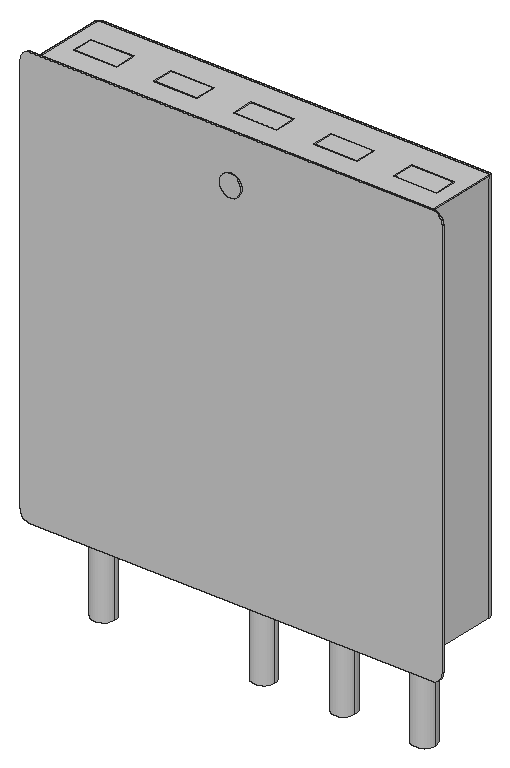
Revit family "SpecEquip_TMV_Zip_Horne TMV box with bypass pipes one end", category Specialty Equipment, Revit 2016
Family settings
  Part Type = Normal
  Round Connector Dimension = Use Diameter
  OmniClass Number = 23.65.55.14.24
  OmniClass Title = Mixing Valves for Liquid Services
  Work Plane-Based = No
  Always vertical = Yes
  Cut with Voids When Loaded = Yes
  Shared = No
  Room Calculation Point = No
Parameters (values of type "TMV Removable Door")
  URL = "https://www.zipwater.com/"
  Type Comments = "Removable Door"
  Removeable Door = not(Hinged Door)  # yes
  ModifiedIssue_ANZRS = 20171020
  Model = "Horne TMV  H1502 Brass in box Configuration - Removable Door"
  Material_ANZRS = z_ZipTmv_Chrome
  Manufacturer_URL__Product Specific = "https://www.zipwater.com/shop/washroom/box-with-cover-and-key-locks-recessed-Hingedd-stainless-steel-cover"
  Manufacturer_Spec Code = "42156"
  Manufacturer_Overall Width = 370 mm  # constant formula
  Manufacturer_Overall Height = 370 mm  # constant formula
  Manufacturer_Overall Depth = 74 mm  # constant formula
  Manufacturer_Height From FFL [instance] = 900 mm
  Manufacturer = "Zip Australia"  # constant formula
  Hinged Door = no
  Description = "Horne TMV Model H1502: Recessed pre-plumbed box configuration with lockable flat stainless steel removable door and cold water bypass - pipes at one end"
  CreatedBy_ANZRS = "UNIFI Labs"  # constant formula
  CreatedByURL_ANZRS = "http://www.unifilabs.com/"
Reference planes
  plane 1 "Back": y = 302
  plane 2 "Ref. Level": z = 0
  plane 3 "Center (Left/Right)": x = 0
  plane 4 "Right": x = 185
  plane 5 "Top": z = 1270
  plane 6 "Left": x = -185
  plane 7 "Bottom": z = 900
  plane 8 "Front": y = 228
  plane 9 "Center (Front/Back)": y = 265
  plane 10 "Center (Elevation)": z = 1085
  plane 11 "Left Offset1": x = -75
  plane 12 "Right Offset2": x = 75
  plane 13 "Right Offset1": x = 150
  plane 14 "Left Offset2": x = -150
Forms (mm)
  Extrusion 1, solid, material "z_ZipTmv_Chrome" <- "Material_ANZRS"
    sketch origin (75, 0, 1085) x (-1, 0, 0) y (0, 1, 0)
      loop
        line (-89.496, 250.504) -> (-69.694, 245.199) -> (-55.199, 259.694) -> (-60.504, 279.496) -> (-80.306, 284.801) -> (-94.801, 270.306) -> (-89.496, 250.504)
    from 64.5 to 80
  Extrusion 2, solid, material "z_ZipTmv_Chrome" <- "Material_ANZRS"
    sketch origin (75, 0, 1085) x (-1, 0, 0) y (0, 1, 0)
      loop
        line (-84.546, 255.454) -> (-71.506, 251.96) -> (-61.96, 261.506) -> (-65.454, 274.546) -> (-78.494, 278.04) -> (-88.04, 268.494) -> (-84.546, 255.454)
    from 52.3 to 63.3
  Extrusion 3, solid, material "z_ZipTmv_Chrome" <- "Material_ANZRS"
    sketch origin (75, 0, 1085) x (1, 0, 0) y (0, 1, 0)
      loop
        line (-89.496, 250.504) -> (-69.694, 245.199) -> (-55.199, 259.694) -> (-60.504, 279.496) -> (-80.306, 284.801) -> (-94.801, 270.306) -> (-89.496, 250.504)
    from 64.5 to 80
  Extrusion 4, solid, material "z_ZipTmv_Chrome" <- "Material_ANZRS"
    sketch origin (75, 0, 1085) x (1, 0, 0) y (0, 1, 0)
      loop
        line (-84.546, 255.454) -> (-71.506, 251.96) -> (-61.96, 261.506) -> (-65.454, 274.546) -> (-78.494, 278.04) -> (-88.04, 268.494) -> (-84.546, 255.454)
    from 52.3 to 63.3
  Extrusion 5, solid, material "z_ZipTmv_Chrome" <- "Material_ANZRS"
    sketch origin (150, 0, 1085) x (1, 0, 0) y (0, 1, 0)
      loop
        line (-89.496, 250.504) -> (-69.694, 245.199) -> (-55.199, 259.694) -> (-60.504, 279.496) -> (-80.306, 284.801) -> (-94.801, 270.306) -> (-89.496, 250.504)
    from 46.993 to 62.496
  Extrusion 6, solid, material "z_ZipTmv_Chrome" <- "Material_ANZRS"
    sketch origin (150, 0, 1085) x (1, 0, 0) y (0, 1, 0)
      loop
        line (-84.546, 255.454) -> (-71.506, 251.96) -> (-61.96, 261.506) -> (-65.454, 274.546) -> (-78.494, 278.04) -> (-88.04, 268.494) -> (-84.546, 255.454)
    from 41 to 46.993
  Extrusion 7, solid, material "z_ZipTmv_Chrome" <- "Material_ANZRS"
    sketch origin (150, 0, 1085) x (1, 0, 0) y (0, 1, 0)
      loop
        line (-62.272, 252.272) -> (-57.613, 269.659) -> (-70.341, 282.387) -> (-87.728, 277.728) -> (-92.387, 260.341) -> (-79.659, 247.613) -> (-62.272, 252.272)
    from 65.72 to 72.02
  Revolve 8, solid, material "z_ZipTmv_Chrome" <- "Material_ANZRS"
    sketch origin (0, 265, 0) x (0, 0, -1) y (-1, 0, 0)
      loop
        line (-1022.504, -75) -> (-1022.504, -87.2) -> (-1003.98, -87.2) -> (-1003.98, -85.5) -> (-798.5, -85.5) -> (-798.5, -75) -> (-1022.504, -75)
      axis (-798.5, -75) -> (-1022.504, -75)
    angle from 0 to 360
  Revolve 9, solid, material "z_ZipTmv_Chrome" <- "Material_ANZRS"
    sketch origin (0, 265, 0) x (0, 0, -1) y (-1, 0, 0)
      loop
        line (-798.5, -150) -> (-1005, -150) -> (-1005, -162.25) -> (-994, -162.25) -> (-994, -160.5) -> (-798.5, -160.5) -> (-798.5, -150)
      axis (-798.5, -150) -> (-1005, -150)
    angle from 0 to 360
  Revolve 10, solid, material "z_ZipTmv_Chrome" <- "Material_ANZRS"
    sketch origin (0, 265, 0) x (0, 0, -1) y (-1, 0, 0)
      loop
        line (-798.5, 0) -> (-1005, 0) -> (-1005, -12.25) -> (-994, -12.25) -> (-994, -10.5) -> (-798.5, -10.5) -> (-798.5, 0)
      axis (-798.5, 0) -> (-1005, 0)
    angle from 0 to 360
  Revolve 11, solid, material "z_ZipTmv_Chrome" <- "Material_ANZRS"
    sketch origin (0, 265, 0) x (0, 0, -1) y (-1, 0, 0)
      loop
        line (-980, -75) -> (-980, -21.5) -> (-986.003, -21.5) -> (-986.003, -30.5) -> (-989.003, -30.5) -> (-989.003, -60.5) -> (-986.503, -60.5) -> (-986.503, -64) -> (-988.003, -64) -> (-988.003, -65) -> (-986.503, -65) -> (-986.503, -75) -> (-980, -75)
      loop
        line (-982, -20.037) -> (-980, -20.037) -> (-980, -18.037) -> (-981.02, -18.037) -> (-982, -19.017) -> (-982, -20.037)
      axis (-980, -18.037) -> (-980, -75)
    angle from 0 to 360
  Extrusion 12, solid, material "z_ZipTmv_Chrome" <- "Material_ANZRS"
    sketch origin (0, 265, 0) x (0, 0, -1) y (-1, 0, 0)
      loop
        line (-900, -130) -> (-920.144, -130) -> (-920.144, -170) -> (-900, -170) -> (-900, -130)
      loop
        line (-900, 20) -> (-920.144, 20) -> (-920.144, -20) -> (-900, -20) -> (-900, 20)
      loop
        line (-900, -55) -> (-920.144, -55) -> (-920.144, -95) -> (-900, -95) -> (-900, -55)
      loop
        line (-900, 170) -> (-920.144, 170) -> (-920.144, 130) -> (-900, 130) -> (-900, 170)
    from 10 to 11.2
  Extrusion 13, solid, material "z_ZipTmv_Chrome" <- "Material_ANZRS"
    sketch origin (-41.47, 184.374, 900) x (-1, 0, 0) y (0, 1, 0)
      loop
        line (-126.97, 80.626) -> (-126.97, 85.626)
        arc (-126.97, 85.626) -> (-128.434, 89.161) -> (-131.97, 90.626) r 5
        line (-131.97, 90.626) -> (-136.47, 90.626) -> (-136.47, 89.626) -> (-131.97, 89.626)
        arc (-131.97, 89.626) -> (-129.141, 88.454) -> (-127.97, 85.626) r 4
        line (-127.97, 85.626) -> (-127.97, 80.626)
        arc (-127.97, 80.626) -> (-116.47, 69.126) -> (-104.97, 80.626) r 11.5
        line (-104.97, 80.626) -> (-104.97, 85.626)
        arc (-104.97, 85.626) -> (-103.798, 88.454) -> (-100.97, 89.626) r 4
        line (-100.97, 89.626) -> (-96.47, 89.626) -> (-96.47, 90.626) -> (-100.97, 90.626)
        arc (-100.97, 90.626) -> (-104.505, 89.161) -> (-105.97, 85.626) r 5
        line (-105.97, 85.626) -> (-105.97, 80.626)
        arc (-105.97, 80.626) -> (-116.47, 70.126) -> (-126.97, 80.626) r 10.5
      loop
        line (-51.97, 80.626) -> (-51.97, 85.626)
        arc (-51.97, 85.626) -> (-53.434, 89.161) -> (-56.97, 90.626) r 5
        line (-56.97, 90.626) -> (-61.47, 90.626) -> (-61.47, 89.626) -> (-56.97, 89.626)
        arc (-56.97, 89.626) -> (-54.141, 88.454) -> (-52.97, 85.626) r 4
        line (-52.97, 85.626) -> (-52.97, 80.626)
        arc (-52.97, 80.626) -> (-41.47, 69.126) -> (-29.97, 80.626) r 11.5
        line (-29.97, 80.626) -> (-29.97, 85.626)
        arc (-29.97, 85.626) -> (-28.798, 88.454) -> (-25.97, 89.626) r 4
        line (-25.97, 89.626) -> (-21.47, 89.626) -> (-21.47, 90.626) -> (-25.97, 90.626)
        arc (-25.97, 90.626) -> (-29.505, 89.161) -> (-30.97, 85.626) r 5
        line (-30.97, 85.626) -> (-30.97, 80.626)
        arc (-30.97, 80.626) -> (-41.47, 70.126) -> (-51.97, 80.626) r 10.5
      loop
        line (98.03, 80.626) -> (98.03, 85.626)
        arc (98.03, 85.626) -> (96.566, 89.161) -> (93.03, 90.626) r 5
        line (93.03, 90.626) -> (88.53, 90.626) -> (88.53, 89.626) -> (93.03, 89.626)
        arc (93.03, 89.626) -> (95.859, 88.454) -> (97.03, 85.626) r 4
        line (97.03, 85.626) -> (97.03, 80.626)
        arc (97.03, 80.626) -> (108.53, 69.126) -> (120.03, 80.626) r 11.5
        line (120.03, 80.626) -> (120.03, 85.626)
        arc (120.03, 85.626) -> (121.202, 88.454) -> (124.03, 89.626) r 4
        line (124.03, 89.626) -> (128.53, 89.626) -> (128.53, 90.626) -> (124.03, 90.626)
        arc (124.03, 90.626) -> (120.495, 89.161) -> (119.03, 85.626) r 5
        line (119.03, 85.626) -> (119.03, 80.626)
        arc (119.03, 80.626) -> (108.53, 70.126) -> (98.03, 80.626) r 10.5
      loop
        line (-201.97, 80.626) -> (-201.97, 85.626)
        arc (-201.97, 85.626) -> (-203.434, 89.161) -> (-206.97, 90.626) r 5
        line (-206.97, 90.626) -> (-211.47, 90.626) -> (-211.47, 89.626) -> (-206.97, 89.626)
        arc (-206.97, 89.626) -> (-204.141, 88.454) -> (-202.97, 85.626) r 4
        line (-202.97, 85.626) -> (-202.97, 80.626)
        arc (-202.97, 80.626) -> (-191.47, 69.126) -> (-179.97, 80.626) r 11.5
        line (-179.97, 80.626) -> (-179.97, 85.626)
        arc (-179.97, 85.626) -> (-178.798, 88.454) -> (-175.97, 89.626) r 4
        line (-175.97, 89.626) -> (-171.47, 89.626) -> (-171.47, 90.626) -> (-175.97, 90.626)
        arc (-175.97, 90.626) -> (-179.505, 89.161) -> (-180.97, 85.626) r 5
        line (-180.97, 85.626) -> (-180.97, 80.626)
        arc (-180.97, 80.626) -> (-191.47, 70.126) -> (-201.97, 80.626) r 10.5
    from -18.846 to 0
  Sweep 14, solid, material "z_ZipTmv_Chrome" <- "Material_ANZRS"
    path origin (75, 265, 0) x (0, 0, -1) y (-1, 0, 0)
      loop
        line (-960.825, 120.2) -> (-960.825, 139)
        arc (-960.825, 139) -> (-964.047, 146.778) -> (-971.825, 150) r 11
        line (-971.825, 150) -> (-990.625, 150)
    profile origin (-54.6, 265, 960.825) x (0, 0, 1) y (0, 1, 0)
      loop
        circle (0, 0) r 10.8
  Revolve 15, solid, material "z_ZipTmv_Chrome" <- "Material_ANZRS"
    sketch origin (75, 265, 0) x (0, 0, -1) y (-1, 0, 0)
      loop
        line (-960.825, 120.2) -> (-970.825, 120.2) -> (-970.825, 75) -> (-960.825, 75) -> (-960.825, 120.2)
      axis (-960.825, 120.2) -> (-960.825, 75)
    angle from 0 to 360
  Extrusion 16, solid, material "z_ZipTmv_Chrome" <- "Material_ANZRS"
    sketch origin (0, 0, 1085) x (1, 0, 0) y (0, 1, 0)
      loop
        line (-89.496, 250.504) -> (-69.694, 245.199) -> (-55.199, 259.694) -> (-60.504, 279.496) -> (-80.306, 284.801) -> (-94.801, 270.306) -> (-89.496, 250.504)
    from 0 to 15.751
  Extrusion 17, solid, material "z_ZipTmv_Chrome" <- "Material_ANZRS"
    sketch origin (0, 0, 1085) x (1, 0, 0) y (0, 1, 0)
      loop
        line (-84.546, 255.454) -> (-71.506, 251.96) -> (-61.96, 261.506) -> (-65.454, 274.546) -> (-78.494, 278.04) -> (-88.04, 268.494) -> (-84.546, 255.454)
    from -5.749 to 0
  Revolve 18, solid, material "z_ZipTmv_Chrome" <- "Material_ANZRS"
    sketch origin (0, 265, 0) x (0, 0, -1) y (-1, 0, 0)
      loop
        line (-1069.249, 75) -> (-1069.249, 65) -> (-990.625, 65) -> (-990.625, 75) -> (-1069.249, 75)
      loop
        line (-1090.749, 75) -> (-1151.149, 75) -> (-1151.149, 61.5) -> (-1090.749, 61.5) -> (-1090.749, 75)
      loop
        line (-1204.504, 75) -> (-1204.504, 65) -> (-1173.279, 65) -> (-1173.279, 75) -> (-1204.504, 75)
      axis (-990.625, 75) -> (-1204.504, 75)
    angle from 0 to 360
  Extrusion 19, solid, material "z_ZipTmv_Chrome" <- "Material_ANZRS"
    sketch origin (0, 0, 1085) x (-1, 0, 0) y (0, 1, 0)
      loop
        line (89.496, 250.504) -> (94.801, 270.306) -> (80.306, 284.801) -> (60.504, 279.496) -> (55.199, 259.694) -> (69.694, 245.199) -> (89.496, 250.504)
    from -88.279 to -72.784
  Extrusion 20, solid, material "z_ZipTmv_Chrome" <- "Material_ANZRS"
    sketch origin (0, 0, 1085) x (-1, 0, 0) y (0, 1, 0)
      loop
        line (84.546, 255.454) -> (88.04, 268.494) -> (78.494, 278.04) -> (65.454, 274.546) -> (61.96, 261.506) -> (71.506, 251.96) -> (84.546, 255.454)
    from -72.784 to -66.149
  Sweep 21, solid, material "z_ZipTmv_Chrome" <- "Material_ANZRS"
    path origin (75, 265, 0) x (0, 0, -1) y (-1, 0, 0)
      loop
        line (-1234.304, 179.8) -> (-1234.304, 161)
        arc (-1234.304, 161) -> (-1231.082, 153.222) -> (-1223.304, 150) r 11
        line (-1223.304, 150) -> (-1204.504, 150)
    profile origin (-95.4, 265, 1234.304) x (0, 0, -1) y (0, 1, 0)
      loop
        circle (0, 0) r 10.8
  Sweep 22, solid, material "z_ZipTmv_Chrome" <- "Material_ANZRS"
    path origin (75, 265, 0) x (0, 0, -1) y (-1, 0, 0)
      loop
        line (-1234.304, 195.2) -> (-1234.304, 214)
        arc (-1234.304, 214) -> (-1231.082, 221.778) -> (-1223.304, 225) r 11
        line (-1223.304, 225) -> (-1204.504, 225)
    profile origin (-129.6, 265, 1234.304) x (0, 0, 1) y (0, 1, 0)
      loop
        circle (0, 0) r 10.8
  Revolve 23, solid, material "z_ZipTmv_Chrome" <- "Material_ANZRS"
    sketch origin (75, 265, 0) x (0, 0, -1) y (-1, 0, 0)
      loop
        line (-1234.304, 179.8) -> (-1234.304, 195.2) -> (-1243.804, 195.2) -> (-1243.804, 179.8) -> (-1234.304, 179.8)
      axis (-1234.304, 195.2) -> (-1234.304, 179.8)
    angle from 0 to 360
  Revolve 24, solid, material "z_ZipTmv_Chrome" <- "Material_ANZRS"
    sketch origin (75, 265, 0) x (0, 0, -1) y (-1, 0, 0)
      loop
        line (-1204.504, 225) -> (-1204.504, 214.5) -> (-798.504, 214.5) -> (-798.504, 225) -> (-1204.504, 225)
      axis (-798.504, 225) -> (-1204.504, 225)
    angle from 0 to 360
  Extrusion 25, solid, material "z_ZipTmv_Chrome" <- "Material_ANZRS"
    sketch origin (75, 265, 0) x (0, 0, -1) y (-1, 0, 0)
      loop
        line (-967.497, 54.963) -> (-992.503, 54.963)
        arc (-992.503, 54.963) -> (-994.271, 54.231) -> (-995.003, 52.463) r 2.5
        line (-995.003, 52.463) -> (-995.003, 47)
        arc (-995.003, 47) -> (-994.271, 45.232) -> (-992.503, 44.5) r 2.5
        line (-992.503, 44.5) -> (-983.503, 44.5) -> (-983.503, 46) -> (-992.503, 46)
        arc (-992.503, 46) -> (-993.21, 46.293) -> (-993.503, 47) r 1
        line (-993.503, 47) -> (-993.503, 52.5)
        arc (-993.503, 52.5) -> (-993.21, 53.207) -> (-992.503, 53.5) r 1
        line (-992.503, 53.5) -> (-967.497, 53.5)
        arc (-967.497, 53.5) -> (-966.766, 54.232) -> (-967.497, 54.963) r 0.732
    from -2.5 to 2.542
  Extrusion 26, solid, material "z_ZipTmv_Chrome" <- "Material_ANZRS"
    sketch origin (75, 265, 0) x (0, 0, -1) y (-1, 0, 0)
      loop
        circle (-1123.949, 150) r 7.9
    from -18 to 0
  Extrusion 27, solid, material "z_ZipTmv_Chrome" <- "Material_ANZRS"
    sketch origin (0, 228, 0) x (0, 0, -1) y (-1, 0, 0)
      loop
        line (-1117.949, 82.249) -> (-1132.813, 82.25) -> (-1132.813, 67.75) -> (-1117.949, 67.75)
        arc (-1117.949, 67.75) -> (-1115.121, 68.922) -> (-1113.949, 71.75) r 4
        line (-1113.949, 71.75) -> (-1113.949, 78.249)
        arc (-1113.949, 78.249) -> (-1115.121, 81.077) -> (-1117.949, 82.249) r 4
    from 14 to 16
  Extrusion 28, solid, material "z_ZipTmv_Chrome" <- "Material_ANZRS"
    sketch origin (0, 228, 0) x (0, 0, -1) y (-1, 0, 0)
      loop
        line (-1128.949, 80) -> (-1128.949, 70) -> (-1118.949, 70) -> (-1118.949, 80) -> (-1128.949, 80)
    from 16 to 19
  Extrusion 29, solid, material "z_ZipTmv_Chrome" <- "Material_ANZRS"
    sketch origin (-75, 0, 0) x (0, 1, 0) y (0, 0, 1)
      loop
        line (242, 1132.813) -> (244, 1132.813) -> (244, 1134.031) -> (239.686, 1145.883) -> (239.686, 1151.149) -> (237.686, 1151.149) -> (237.686, 1145.883) -> (242, 1134.031) -> (242, 1132.813)
    from -7.25 to 7.25
  Extrusion 30, solid, material "z_ZipTmv_Chrome" <- "Material_ANZRS"
    sketch origin (0, 228, 0) x (0, 0, -1) y (-1, 0, 0)
      loop
        line (-1151.149, 83.267) -> (-1200.949, 83.267)
        arc (-1200.949, 83.267) -> (-1205.899, 81.217) -> (-1207.949, 76.267) r 7
        line (-1207.949, 76.267) -> (-1207.949, 73.733)
        arc (-1207.949, 73.733) -> (-1205.899, 68.783) -> (-1200.949, 66.733) r 7
        line (-1200.949, 66.733) -> (-1151.149, 66.733) -> (-1151.149, 83.267)
    from 9.2 to 12.2
  Extrusion 31, void
    sketch origin (-41.47, 184.374, 900) x (-1, 0, 0) y (0, 1, 0)
      loop
        line (143.53, 43.626) -> (143.53, 117.626) -> (-226.47, 117.626) -> (-226.47, 43.626) -> (143.53, 43.626)
    from -370 to 0
Cuts and joins
  joined: Extrusion 27, Extrusion 29
Text (mm)
  text "Disclaimer:\n\nDue to ongoing product development and manufacturing evolution, product details are subject to change without notice.\n\nPlease refer to product technical data sheets on www.zipwater.com for the most current product information. Please allow a +/- 5mm tolerance for dimensions and set-outs shown in product literature.\n\n© 2017 Zip Industries" at (260.152, 336.966, 0), in view "Ref. Level"
Dimensions and locks
  "Manufacturer_Height From FFL": plane 7 "Bottom" to plane 2 "Ref. Level"
  equal spacing: plane 8 "Front", plane 9 "Center (Front/Back)", plane 1 "Back"
  "Manufacturer_Overall Depth": plane 8 "Front" to plane 1 "Back"
  equal spacing: plane 6 "Left", plane 3 "Center (Left/Right)", plane 4 "Right"
  "Manufacturer_Overall Width": plane 6 "Left" to plane 4 "Right"
  "Manufacturer_Overall Height": plane 7 "Bottom" to plane 5 "Top"
  equal spacing: plane 5 "Top", plane 10 "Center (Elevation)", plane 7 "Bottom"
  plane 13 "Right Offset1" to plane 12 "Right Offset2" to plane 3 "Center (Left/Right)" to plane 11 "Left Offset1" to plane 14 "Left Offset2" = 75 mm, 75 mm locked, 75 mm locked, 75 mm
  aligned and locked: level to plane 2 "Ref. Level"
  aligned and locked: plane 3 "Center (Left/Right)" to nested 1
  aligned and locked: plane 9 "Center (Front/Back)" to nested 1
  aligned and locked: nested 1 to plane 5 "Top"
  aligned and locked: plane 9 "Center (Front/Back)" to nested 2
  aligned and locked: plane 10 "Center (Elevation)" to nested 2
  aligned and locked: plane 12 "Right Offset2" to nested 2
  aligned and locked: plane 8 "Front" to Extrusion 31 sketch curve
  aligned and locked: plane 1 "Back" to Extrusion 31 sketch curve
  aligned and locked: plane 6 "Left" to Extrusion 31 sketch curve
  aligned and locked: Extrusion 31 sketch curve to plane 4 "Right"
  aligned and locked: Extrusion 31 to plane 5 "Top"
  aligned and locked: plane 7 "Bottom" to Extrusion 31
Automatic sketch dimensions
  plane 9 "Center (Front/Back)" to Extrusion 1 sketch curve = 5.306 mm
  plane 4 "Right" to Extrusion 1 sketch curve = 15.199 mm
  plane 13 "Right Offset1" to Extrusion 1 sketch curve = 14.496 mm
  plane 13 "Right Offset1" to Extrusion 1 sketch curve = 5.306 mm
  Extrusion 1 sketch curve to plane 13 "Right Offset1" = 5.306 mm
  Extrusion 1 sketch curve to plane 13 "Right Offset1" = 14.496 mm
  Extrusion 1 sketch curve to plane 9 "Center (Front/Back)" = 5.306 mm
  Extrusion 1 sketch curve to plane 13 "Right Offset1" = 19.801 mm
  plane 9 "Center (Front/Back)" to Extrusion 1 sketch curve = 14.496 mm
  plane 1 "Back" to Extrusion 1 sketch curve = 17.199 mm
  Extrusion 1 sketch curve to plane 9 "Center (Front/Back)" = 14.496 mm
  plane 8 "Front" to Extrusion 1 sketch curve = 17.199 mm
  plane 13 "Right Offset1" to Extrusion 2 sketch curve = 3.494 mm
  Extrusion 2 sketch curve to plane 13 "Right Offset1" = 3.494 mm
  Extrusion 2 sketch curve to plane 9 "Center (Front/Back)" = 3.494 mm
  Extrusion 3 sketch curve to plane 9 "Center (Front/Back)" = 5.306 mm
  plane 3 "Center (Left/Right)" to Extrusion 3 sketch curve = 19.801 mm
  plane 3 "Center (Left/Right)" to Extrusion 3 sketch curve = 14.496 mm
  plane 3 "Center (Left/Right)" to Extrusion 3 sketch curve = 5.306 mm
  Extrusion 3 sketch curve to plane 3 "Center (Left/Right)" = 5.306 mm
  Extrusion 3 sketch curve to plane 3 "Center (Left/Right)" = 14.496 mm
  plane 9 "Center (Front/Back)" to Extrusion 3 sketch curve = 5.306 mm
  Extrusion 3 sketch curve to plane 3 "Center (Left/Right)" = 19.801 mm
  Extrusion 3 sketch curve to plane 9 "Center (Front/Back)" = 14.496 mm
  Extrusion 3 sketch curve to plane 1 "Back" = 17.199 mm
  plane 9 "Center (Front/Back)" to Extrusion 3 sketch curve = 14.496 mm
  Extrusion 3 sketch curve to plane 8 "Front" = 17.199 mm
  plane 3 "Center (Left/Right)" to Extrusion 4 sketch curve = 3.494 mm
  Extrusion 4 sketch curve to plane 3 "Center (Left/Right)" = 3.494 mm
  plane 9 "Center (Front/Back)" to Extrusion 4 sketch curve = 3.494 mm
  Extrusion 5 sketch curve to plane 9 "Center (Front/Back)" = 5.306 mm
  plane 12 "Right Offset2" to Extrusion 5 sketch curve = 19.801 mm
  plane 12 "Right Offset2" to Extrusion 5 sketch curve = 14.496 mm
  plane 12 "Right Offset2" to Extrusion 5 sketch curve = 5.306 mm
  Extrusion 5 sketch curve to plane 12 "Right Offset2" = 5.306 mm
  Extrusion 5 sketch curve to plane 12 "Right Offset2" = 14.496 mm
  plane 9 "Center (Front/Back)" to Extrusion 5 sketch curve = 5.306 mm
  Extrusion 5 sketch curve to plane 12 "Right Offset2" = 19.801 mm
  Extrusion 5 sketch curve to plane 9 "Center (Front/Back)" = 14.496 mm
  Extrusion 5 sketch curve to plane 1 "Back" = 17.199 mm
  plane 9 "Center (Front/Back)" to Extrusion 5 sketch curve = 14.496 mm
  Extrusion 5 sketch curve to plane 8 "Front" = 17.199 mm
  plane 12 "Right Offset2" to Extrusion 6 sketch curve = 3.494 mm
  Extrusion 6 sketch curve to plane 12 "Right Offset2" = 3.494 mm
  plane 9 "Center (Front/Back)" to Extrusion 6 sketch curve = 3.494 mm
  Revolve 8 sketch curve to plane 12 "Right Offset2" = 0 mm  (x2)
  plane 10 "Center (Elevation)" to Revolve 8 sketch curve = 62.496 mm
  plane 12 "Right Offset2" to Revolve 8 sketch curve = 10.5 mm
  plane 7 "Bottom" to Revolve 8 sketch curve = 101.5 mm
  Revolve 8 sketch curve to Revolve 8 sketch curve = 0 mm
  Revolve 8 sketch curve to Revolve 8 sketch curve = 2.412 mm
  plane 13 "Right Offset1" to Revolve 9 sketch curve = 12.25 mm
  plane 10 "Center (Elevation)" to Revolve 9 sketch curve = 80 mm
  Revolve 9 sketch curve to Revolve 9 sketch curve = 11 mm
  Revolve 9 sketch curve to plane 13 "Right Offset1" = 0 mm  (x2)
  plane 7 "Bottom" to Revolve 9 sketch curve = 101.5 mm
  plane 13 "Right Offset1" to Revolve 9 sketch curve = 10.5 mm
  Revolve 9 sketch curve to Revolve 9 sketch curve = 3.198 mm
  Revolve 9 sketch curve to Revolve 9 sketch curve = 0 mm
  Revolve 10 sketch curve to plane 3 "Center (Left/Right)" = 0 mm  (x2)
  plane 10 "Center (Elevation)" to Revolve 10 sketch curve = 80 mm
  Revolve 10 sketch curve to Revolve 10 sketch curve = 11 mm
  plane 7 "Bottom" to Revolve 10 sketch curve = 101.5 mm
  plane 3 "Center (Left/Right)" to Revolve 10 sketch curve = 10.5 mm
  Revolve 10 sketch curve to Revolve 10 sketch curve = 1.75 mm
  Revolve 10 sketch curve to Revolve 10 sketch curve = 0 mm
  Revolve 10 sketch curve to Revolve 10 sketch curve = 5 mm
  Revolve 11 sketch curve to plane 12 "Right Offset2" = 0 mm  (x2)
  plane 3 "Center (Left/Right)" to Revolve 11 sketch curve = 30.5 mm
  Revolve 11 sketch curve to plane 7 "Bottom" = 89.003 mm
  Revolve 11 sketch curve to Revolve 11 sketch curve = 1 mm  (x2)
  Revolve 11 sketch curve to Revolve 11 sketch curve = 1.5 mm
  Revolve 11 sketch curve to Revolve 11 sketch curve = 0 mm  (x3)
  Revolve 11 sketch curve to Revolve 11 sketch curve = 3 mm
  Revolve 11 sketch curve to Revolve 11 sketch curve = 4.003 mm
  Revolve 11 sketch curve to Revolve 11 sketch curve = 0.98 mm  (x2)
  Revolve 11 sketch curve to Revolve 11 sketch curve = 2 mm
  Revolve 11 sketch curve to plane 12 "Right Offset2" = 10 mm
  Revolve 11 sketch curve to Revolve 11 sketch curve = 3.5 mm
  Revolve 11 sketch curve to Revolve 11 sketch curve = 9 mm
  Revolve 11 sketch curve to Revolve 11 sketch curve = 1.463 mm
  Revolve 11 sketch curve to Revolve 11 sketch curve = 1.02 mm
  plane 12 "Right Offset2" to Revolve 11 sketch curve = 4.198 mm
  Extrusion 12 sketch curve to plane 7 "Bottom" = 0 mm  (x4)
  Extrusion 12 sketch curve to plane 7 "Bottom" = 20.144 mm  (x4)
  plane 4 "Right" to Extrusion 12 sketch curve = 15 mm
  Extrusion 12 sketch curve to plane 13 "Right Offset1" = 20 mm
  plane 12 "Right Offset2" to Extrusion 12 sketch curve = 20 mm
  Extrusion 12 sketch curve to plane 12 "Right Offset2" = 20 mm
  plane 3 "Center (Left/Right)" to Extrusion 12 sketch curve = 20 mm
  Extrusion 12 sketch curve to plane 3 "Center (Left/Right)" = 20 mm
  plane 14 "Left Offset2" to Extrusion 12 sketch curve = 20 mm
  plane 6 "Left" to Extrusion 12 sketch curve = 15 mm
  Extrusion 13 sketch curve to Extrusion 13 sketch curve = 0 mm  (x24)
  Extrusion 13 sketch curve to plane 9 "Center (Front/Back)" = 0 mm  (x4)
  plane 9 "Center (Front/Back)" to Extrusion 13 sketch curve = 10 mm  (x5)
  plane 4 "Right" to Extrusion 13 sketch curve = 15 mm
  Extrusion 13 sketch curve to Extrusion 13 sketch curve = 4.5 mm  (x8)
  Extrusion 13 sketch curve to Extrusion 13 sketch curve = 4 mm  (x8)
  Extrusion 13 sketch curve to Extrusion 13 sketch curve = 1 mm  (x4)
  Extrusion 13 sketch curve to plane 13 "Right Offset1" = 0 mm
  plane 9 "Center (Front/Back)" to Extrusion 13 sketch curve = 9 mm  (x3)
  plane 12 "Right Offset2" to Extrusion 13 sketch curve = 20 mm
  Extrusion 13 sketch curve to plane 12 "Right Offset2" = 0 mm
  plane 3 "Center (Left/Right)" to Extrusion 13 sketch curve = 20 mm
  Extrusion 13 sketch curve to plane 3 "Center (Left/Right)" = 0 mm
  plane 14 "Left Offset2" to Extrusion 13 sketch curve = 20 mm
  Extrusion 13 sketch curve to plane 14 "Left Offset2" = 0 mm
  Sweep 14 sketch curve to plane 11 "Left Offset1" = 0 mm
  plane 11 "Left Offset1" to Sweep 14 sketch curve = 11 mm
  Sweep 14 sketch curve to plane 7 "Bottom" = 71.825 mm
  Sweep 14 sketch curve to Sweep 14 sketch curve = 18.8 mm  (x2)
  Sweep 14 sketch curve to plane 9 "Center (Front/Back)" = 0 mm
  profile plane to Sweep 14 sketch curve = 0 mm
  Revolve 15 sketch curve to plane 3 "Center (Left/Right)" = 0 mm  (x2)
  Revolve 15 sketch curve to Revolve 15 sketch curve = 45.2 mm
  Revolve 15 sketch curve to Revolve 15 sketch curve = 0 mm
  Revolve 15 sketch curve to Revolve 15 sketch curve = 2.924 mm
  Extrusion 16 sketch curve to plane 9 "Center (Front/Back)" = 5.306 mm
  plane 11 "Left Offset1" to Extrusion 16 sketch curve = 19.801 mm
  plane 11 "Left Offset1" to Extrusion 16 sketch curve = 14.496 mm
  plane 11 "Left Offset1" to Extrusion 16 sketch curve = 5.306 mm
  Extrusion 16 sketch curve to plane 11 "Left Offset1" = 5.306 mm
  Extrusion 16 sketch curve to plane 11 "Left Offset1" = 14.496 mm
  plane 9 "Center (Front/Back)" to Extrusion 16 sketch curve = 5.306 mm
  Extrusion 16 sketch curve to plane 11 "Left Offset1" = 19.801 mm
  Extrusion 16 sketch curve to plane 9 "Center (Front/Back)" = 14.496 mm
  Extrusion 16 sketch curve to plane 1 "Back" = 17.199 mm
  plane 9 "Center (Front/Back)" to Extrusion 16 sketch curve = 14.496 mm
  Extrusion 16 sketch curve to plane 8 "Front" = 17.199 mm
  plane 11 "Left Offset1" to Extrusion 17 sketch curve = 3.494 mm
  Extrusion 17 sketch curve to plane 11 "Left Offset1" = 3.494 mm
  plane 9 "Center (Front/Back)" to Extrusion 17 sketch curve = 3.494 mm
  Extrusion 19 sketch curve to plane 9 "Center (Front/Back)" = 5.306 mm
  plane 11 "Left Offset1" to Extrusion 19 sketch curve = 19.801 mm
  plane 11 "Left Offset1" to Extrusion 19 sketch curve = 14.496 mm
  plane 11 "Left Offset1" to Extrusion 19 sketch curve = 5.306 mm
  Extrusion 19 sketch curve to plane 11 "Left Offset1" = 5.306 mm
  Extrusion 19 sketch curve to plane 11 "Left Offset1" = 14.496 mm
  plane 9 "Center (Front/Back)" to Extrusion 19 sketch curve = 5.306 mm
  Extrusion 19 sketch curve to plane 11 "Left Offset1" = 19.801 mm
  plane 9 "Center (Front/Back)" to Extrusion 19 sketch curve = 14.496 mm
  plane 1 "Back" to Extrusion 19 sketch curve = 17.199 mm
  Extrusion 19 sketch curve to plane 9 "Center (Front/Back)" = 14.496 mm
  plane 8 "Front" to Extrusion 19 sketch curve = 17.199 mm
  Sweep 21 sketch curve to plane 9 "Center (Front/Back)" = 0 mm
  profile plane to Sweep 21 sketch curve = 0 mm
  Sweep 21 sketch curve to plane 11 "Left Offset1" = 0 mm
  Sweep 21 sketch curve to plane 11 "Left Offset1" = 11 mm
  plane 5 "Top" to Sweep 21 sketch curve = 35.696 mm
  Sweep 21 sketch curve to Sweep 21 sketch curve = 18.8 mm  (x2)
  plane 14 "Left Offset2" to Sweep 22 sketch curve = 11 mm
  Sweep 22 sketch curve to plane 14 "Left Offset2" = 0 mm
  Sweep 22 sketch curve to Sweep 22 sketch curve = 18.8 mm  (x2)
  Sweep 22 sketch curve to plane 9 "Center (Front/Back)" = 0 mm
  Sweep 22 sketch curve to profile plane = 0 mm
  plane 5 "Top" to Sweep 22 sketch curve = 35.696 mm
  plane 5 "Top" to Revolve 23 sketch curve = 26.196 mm
  Revolve 23 sketch curve to Revolve 23 sketch curve = 9.5 mm
  Revolve 23 sketch curve to plane 11 "Left Offset1" = 29.8 mm
  Revolve 23 sketch curve to Revolve 23 sketch curve = 15.4 mm
  Revolve 23 sketch curve to Revolve 23 sketch curve = 0 mm  (x2)
  Revolve 23 sketch curve to Revolve 23 sketch curve = 1.962 mm
  Revolve 24 sketch curve to plane 14 "Left Offset2" = 0 mm  (x2)
  plane 14 "Left Offset2" to Revolve 24 sketch curve = 10.5 mm
  plane 5 "Top" to Revolve 24 sketch curve = 65.496 mm
  plane 7 "Bottom" to Revolve 24 sketch curve = 101.496 mm
  Revolve 24 sketch curve to Revolve 24 sketch curve = 0 mm
  Revolve 24 sketch curve to Revolve 24 sketch curve = 1.072 mm
  Extrusion 25 sketch curve to Extrusion 25 sketch curve = 0 mm  (x3)
  Extrusion 25 sketch curve to plane 12 "Right Offset2" = 47 mm
  Extrusion 25 sketch curve to plane 7 "Bottom" = 95.003 mm
  Extrusion 25 sketch curve to Extrusion 25 sketch curve = 1.5 mm
  Extrusion 25 sketch curve to Extrusion 25 sketch curve = 1 mm  (x2)
  Extrusion 25 sketch curve to Extrusion 25 sketch curve = 9 mm
  Extrusion 25 sketch curve to Extrusion 25 sketch curve = 16.006 mm
  Extrusion 25 sketch curve to Extrusion 25 sketch curve = 5.463 mm
  Extrusion 25 sketch curve to Extrusion 25 sketch curve = 0.037 mm
  Extrusion 26 sketch curve to plane 11 "Left Offset1" = 0 mm
  Extrusion 26 sketch curve to plane 10 "Center (Elevation)" = 38.949 mm
  Extrusion 27 sketch curve to plane 11 "Left Offset1" = 3.249 mm
  Extrusion 27 sketch curve to plane 10 "Center (Elevation)" = 32.949 mm
  Extrusion 27 sketch curve to Extrusion 27 sketch curve = 4 mm  (x2)
  plane 11 "Left Offset1" to Extrusion 27 sketch curve = 3.25 mm
  plane 11 "Left Offset1" to Extrusion 27 sketch curve = 7.25 mm
  Extrusion 27 sketch curve to Extrusion 27 sketch curve = 14.863 mm
  Extrusion 27 sketch curve to plane 11 "Left Offset1" = 7.25 mm
  Extrusion 27 sketch curve to Extrusion 27 sketch curve = 0 mm  (x2)
  plane 11 "Left Offset1" to Extrusion 28 sketch curve = 5 mm
  Extrusion 28 sketch curve to plane 10 "Center (Elevation)" = 43.949 mm
  Extrusion 28 sketch curve to Extrusion 28 sketch curve = 10 mm
  Extrusion 28 sketch curve to plane 11 "Left Offset1" = 5 mm
  plane 8 "Front" to Extrusion 29 sketch curve = 9.686 mm
  Extrusion 29 sketch curve to Extrusion 29 sketch curve = 2 mm  (x2)
  Extrusion 29 sketch curve to Extrusion 29 sketch curve = 2.314 mm
  plane 11 "Left Offset1" to Extrusion 30 sketch curve = 8.267 mm
  Extrusion 30 sketch curve to plane 11 "Left Offset1" = 1.267 mm
  Extrusion 30 sketch curve to Extrusion 30 sketch curve = 7 mm
  plane 11 "Left Offset1" to Extrusion 30 sketch curve = 1.267 mm
  plane 5 "Top" to Extrusion 30 sketch curve = 62.051 mm
  Extrusion 29 sketch curve to Extrusion 29 sketch curve = 0 mm
  Extrusion 29 sketch curve to Extrusion 29 sketch curve = 5.267 mm
  Extrusion 29 sketch curve to plane 10 "Center (Elevation)" = 47.813 mm
  Extrusion 29 sketch curve to Extrusion 29 sketch curve = 1.218 mm  (x2)
  Extrusion 29 sketch curve to Extrusion 29 sketch curve = 11.852 mm
  Extrusion 30 sketch curve to Extrusion 30 sketch curve = 49.8 mm
  plane 11 "Left Offset1" to Extrusion 20 sketch curve = 3.494 mm
  Extrusion 20 sketch curve to plane 11 "Left Offset1" = 3.494 mm
  plane 9 "Center (Front/Back)" to Extrusion 17 sketch curve = 9.546 mm
  plane 11 "Left Offset1" to Extrusion 17 sketch curve = 9.546 mm
  Extrusion 17 sketch curve to plane 9 "Center (Front/Back)" = 9.546 mm
  Extrusion 17 sketch curve to plane 1 "Back" = 33.506 mm
  Extrusion 17 sketch curve to plane 11 "Left Offset1" = 13.04 mm
  Extrusion 17 sketch curve to plane 11 "Left Offset1" = 9.546 mm
  Extrusion 17 sketch curve to plane 9 "Center (Front/Back)" = 13.04 mm
  plane 11 "Left Offset1" to Extrusion 17 sketch curve = 13.04 mm
  plane 9 "Center (Front/Back)" to Extrusion 17 sketch curve = 13.04 mm
  plane 9 "Center (Front/Back)" to Extrusion 20 sketch curve = 9.546 mm
  plane 11 "Left Offset1" to Extrusion 20 sketch curve = 9.546 mm
  Extrusion 20 sketch curve to plane 9 "Center (Front/Back)" = 9.546 mm
  Extrusion 20 sketch curve to plane 9 "Center (Front/Back)" = 3.494 mm
  plane 11 "Left Offset1" to Extrusion 20 sketch curve = 13.04 mm
  Extrusion 20 sketch curve to plane 11 "Left Offset1" = 9.546 mm
  Extrusion 20 sketch curve to plane 9 "Center (Front/Back)" = 13.04 mm
  plane 9 "Center (Front/Back)" to Extrusion 20 sketch curve = 3.494 mm
  Extrusion 20 sketch curve to plane 11 "Left Offset1" = 13.04 mm
  plane 9 "Center (Front/Back)" to Extrusion 20 sketch curve = 13.04 mm
  plane 3 "Center (Left/Right)" to Extrusion 4 sketch curve = 9.546 mm
  Extrusion 4 sketch curve to plane 9 "Center (Front/Back)" = 3.494 mm
  Extrusion 4 sketch curve to plane 3 "Center (Left/Right)" = 9.546 mm
  plane 9 "Center (Front/Back)" to Extrusion 4 sketch curve = 13.04 mm
  Extrusion 4 sketch curve to plane 3 "Center (Left/Right)" = 13.04 mm
  Extrusion 4 sketch curve to plane 9 "Center (Front/Back)" = 9.546 mm
  Extrusion 4 sketch curve to plane 9 "Center (Front/Back)" = 13.04 mm
  plane 3 "Center (Left/Right)" to Extrusion 4 sketch curve = 13.04 mm
  plane 9 "Center (Front/Back)" to Extrusion 4 sketch curve = 9.546 mm
  plane 12 "Right Offset2" to Extrusion 6 sketch curve = 9.546 mm
  Extrusion 6 sketch curve to plane 9 "Center (Front/Back)" = 3.494 mm
  Extrusion 6 sketch curve to plane 9 "Center (Front/Back)" = 9.546 mm
  plane 9 "Center (Front/Back)" to Extrusion 6 sketch curve = 13.04 mm
  Extrusion 6 sketch curve to plane 12 "Right Offset2" = 9.546 mm
  Extrusion 6 sketch curve to plane 12 "Right Offset2" = 13.04 mm
  Extrusion 6 sketch curve to Extrusion 6 sketch curve = 9.546 mm
  Extrusion 6 sketch curve to Extrusion 6 sketch curve = 3.494 mm
  plane 9 "Center (Front/Back)" to Extrusion 6 sketch curve = 9.546 mm
  Extrusion 2 sketch curve to plane 9 "Center (Front/Back)" = 9.546 mm
  plane 1 "Back" to Extrusion 2 sketch curve = 33.506 mm
  plane 9 "Center (Front/Back)" to Extrusion 2 sketch curve = 9.546 mm
  plane 9 "Center (Front/Back)" to Extrusion 2 sketch curve = 13.04 mm
  plane 13 "Right Offset1" to Extrusion 2 sketch curve = 13.04 mm
  plane 13 "Right Offset1" to Extrusion 2 sketch curve = 9.546 mm
  Extrusion 2 sketch curve to plane 13 "Right Offset1" = 9.546 mm
  Extrusion 2 sketch curve to plane 13 "Right Offset1" = 13.04 mm
  Extrusion 2 sketch curve to plane 9 "Center (Front/Back)" = 13.04 mm
  Revolve 15 sketch curve to plane 7 "Bottom" = 70.825 mm
  Revolve 15 sketch curve to Revolve 15 sketch curve = 10 mm
  Revolve 18 sketch curve to plane 11 "Left Offset1" = 0 mm  (x4)
  plane 5 "Top" to Revolve 18 sketch curve = 65.496 mm
  plane 11 "Left Offset1" to Revolve 18 sketch curve = 10 mm  (x2)
  Revolve 18 sketch curve to Revolve 18 sketch curve = 31.224 mm
  Revolve 18 sketch curve to Revolve 18 sketch curve = 22.13 mm
  Revolve 18 sketch curve to plane 10 "Center (Elevation)" = 5.749 mm
  plane 10 "Center (Elevation)" to Revolve 18 sketch curve = 15.751 mm
  Revolve 18 sketch curve to Revolve 18 sketch curve = 78.624 mm
  Revolve 18 sketch curve to Revolve 18 sketch curve = 3.5 mm
  Revolve 18 sketch curve to Revolve 18 sketch curve = 2.412 mm
  Revolve 18 sketch curve to Revolve 18 sketch curve = 0 mm
  Revolve 8 sketch curve to Revolve 8 sketch curve = 1.7 mm
  Revolve 8 sketch curve to Revolve 8 sketch curve = 18.524 mm
  radius of Sweep 14 sketch curve = 10.8 mm
  radius of Sweep 21 sketch curve = 10.8 mm
  radius of Sweep 22 sketch curve = 10.8 mm
  radius of Extrusion 26 sketch curve = 7.9 mm
Nested families
  nested 1: "z_SpecEquip_TMV_Zip_Box" at (0, 0, -21), type "z_SpecEquip_TMV_Zip_Box"
    with Manufacturer_Height From FFL 900 mm
  nested 2: "SpecEquip_TMV_Zip_Horne TMV H1502" at (75, -14.5, 119.5), type "Chrome"
    with Manufacturer_Height From FFL 900 mm
Connectors
  piping at (150, 265, 798.5), diameter 21
    settings: on Revolve 9, index 1, connector inside diameter 609.6 mm, connector length 0 mm, flow factor 0, pipe flow 0.0 L/s, pressure drop 0.0 Pa, fitting loss kfactor 0, connector angle 0.00°, fixture units 0, engagement length 0 mm, angle of deflection 0.00°, flow configuration 1, flow direction 1, fitting loss method 4, system type 19, joint type 0, gender type 0, connector reference index -1, connector utility 0, adjustable connector no, is connector primary yes, connector description "Hot Inlet"
  piping at (75, 265, 798.5), diameter 21
    settings: on Revolve 8, index 2, connector inside diameter 609.6 mm, connector length 0 mm, flow factor 0, pipe flow 0.0 L/s, pressure drop 0.0 Pa, fitting loss kfactor 0, connector angle 0.00°, fixture units 0, engagement length 0 mm, angle of deflection 0.00°, flow configuration 1, flow direction 2, fitting loss method 4, system type 19, joint type 0, gender type 0, connector reference index -1, connector utility 0, adjustable connector no, is connector primary no, connector description "Mixed Outlet"
  piping at (0, 265, 798.5), diameter 21
    settings: on Revolve 10, index 3, connector inside diameter 609.6 mm, connector length 0 mm, flow factor 0, pipe flow 0.0 L/s, pressure drop 0.0 Pa, fitting loss kfactor 0, connector angle 0.00°, fixture units 0, engagement length 0 mm, angle of deflection 0.00°, flow configuration 1, flow direction 1, fitting loss method 4, system type 20, joint type 0, gender type 0, connector reference index -1, connector utility 0, adjustable connector no, is connector primary no, connector description "Cold Inlet"
  piping at (-150, 265, 798.504), diameter 21
    settings: on Revolve 24, index 4, connector inside diameter 609.6 mm, connector length 0 mm, flow factor 0, pipe flow 0.0 L/s, pressure drop 0.0 Pa, fitting loss kfactor 0, connector angle 0.00°, fixture units 0, engagement length 0 mm, angle of deflection 0.00°, flow configuration 1, flow direction 2, fitting loss method 4, system type 20, joint type 0, gender type 0, connector reference index -1, connector utility 0, adjustable connector no, is connector primary no, connector description "Cold Bypass"
Definition of nested family "z_SpecEquip_TMV_Zip_Box"
  Parameters (values of type "z_SpecEquip_TMV_Zip_Box")
    URL = "https://www.zipwater.com/"
    Type Comments = "2 top -2 Bottom - Hinged"
    Top Opening5 = yes
    Top Opening4 = yes
    Top Opening3 = yes
    Top Opening2 = yes
    Top Opening1 = yes
    ModifiedIssue_ANZRS = 20171020
    Model = ""
    Material_ANZRS = none
    Manufacturer_URL__Product Specific = "https://www.zipwater.com/shop/washroom?pg=2"
    Manufacturer_Overall Width = 395 mm
    Manufacturer_Overall Height = Manufacturer_Overall Width  # 395 mm
    Manufacturer_Overall Depth = 74 mm  # constant formula
    Manufacturer_Height From FFL [instance] = 900 mm
    Manufacturer = "Zip Australia"  # constant formula
    Description = ""
    CreatedBy_ANZRS = "UNIFI Labs"  # constant formula
    CreatedByURL_ANZRS = "http://www.unifilabs.com/"
    Bottom Opening5 = no
    Bottom Opening4 = no
    Bottom Opening3 = no
    Bottom Opening2 = yes
    Bottom Opening1 = no
    2 top -2 Bottom - Removeable Door Visibility = yes
    2 top -2 Bottom - Hinged Visibility = no
  Reference planes
    plane 1 "Back": y = 302
    plane 2 "Ref. Level": z = 0
    plane 3 "Center (Left/Right)": x = 0
    plane 4 "Right": x = 197.5
    plane 5 "Top": z = 1295
    plane 6 "Left": x = -197.5
    plane 7 "Bottom": z = 900
    plane 8 "Front": y = 228
    plane 9 "Center (Front/Back)": y = 265
    plane 10 "Back Offset": y = 275
    plane 11 "Front Offset": y = 255
    plane 12 "Left Offset1": x = -170
    plane 13 "Left Offset2": x = -130
    plane 14 "Left Offset3": x = -95
    plane 15 "Left Offset4": x = -55
    plane 16 "Left Offset5": x = -20
    plane 17 "Right Offset5": x = 20
    plane 18 "Right Offset4": x = 55
    plane 19 "Right Offset3": x = 95
    plane 20 "Right Offset2": x = 130
    plane 21 "Right Offset1": x = 170
  Forms (mm)
    Extrusion 1, solid, material <- "Material_ANZRS", visible <- "2 top -2 Bottom - Removeable Door Visibility"
      sketch origin (0, 228, 0) x (0, 0, -1) y (-1, 0, 0)
        loop
          line (-1295, 187.5) -> (-1295, -187.5)
          arc (-1295, -187.5) -> (-1292.071, -194.571) -> (-1285, -197.5) r 10
          line (-1285, -197.5) -> (-910, -197.5)
          arc (-910, -197.5) -> (-902.929, -194.571) -> (-900, -187.5) r 10
          line (-900, -187.5) -> (-900, 187.5)
          arc (-900, 187.5) -> (-902.929, 194.571) -> (-910, 197.5) r 10
          line (-910, 197.5) -> (-1285, 197.5)
          arc (-1285, 197.5) -> (-1292.071, 194.571) -> (-1295, 187.5) r 10
      from -1.2 to 0
    Extrusion 2, solid, material <- "Material_ANZRS"
      sketch origin (-41.47, 184.374, 900) x (-1, 0, 0) y (0, 1, 0)
        loop
          arc (142.33, 112.926) -> (141.305, 115.4) -> (138.83, 116.426) r 3.5
          line (138.83, 116.426) -> (-221.77, 116.426)
          arc (-221.77, 116.426) -> (-224.244, 115.4) -> (-225.27, 112.926) r 3.5
          line (-225.27, 112.926) -> (-225.27, 43.626) -> (142.33, 43.626) -> (142.33, 112.926)
      from -22.2 to -21
    Extrusion 3, solid, material <- "Material_ANZRS"
      sketch origin (0, 0, 1295) x (-1, 0, 0) y (0, 1, 0)
        loop
          arc (183.8, 297.3) -> (182.775, 299.775) -> (180.3, 300.8) r 3.5
          line (180.3, 300.8) -> (-180.3, 300.8)
          arc (-180.3, 300.8) -> (-182.775, 299.775) -> (-183.8, 297.3) r 3.5
          line (-183.8, 297.3) -> (-183.8, 228) -> (183.8, 228) -> (183.8, 297.3)
      from 4 to 5.2
    Extrusion 4, solid, material <- "Material_ANZRS"
      sketch origin (-41.47, 184.374, 900) x (-1, 0, 0) y (0, 1, 0)
        loop
          arc (143.53, 112.626) -> (142.066, 116.161) -> (138.53, 117.626) r 5
          line (138.53, 117.626) -> (-221.47, 117.626)
          arc (-221.47, 117.626) -> (-225.005, 116.161) -> (-226.47, 112.626) r 5
          line (-226.47, 112.626) -> (-226.47, 43.626) -> (-225.27, 43.626) -> (-225.27, 112.926)
          arc (-225.27, 112.926) -> (-224.244, 115.4) -> (-221.77, 116.426) r 3.5
          line (-221.77, 116.426) -> (138.83, 116.426)
          arc (138.83, 116.426) -> (141.305, 115.4) -> (142.33, 112.926) r 3.5
          line (142.33, 112.926) -> (142.33, 43.626) -> (143.53, 43.626) -> (143.53, 112.626)
      from -391 to -21
    Extrusion 5, solid, material <- "Material_ANZRS", visible <- "2 top -2 Bottom - Hinged Visibility"
      sketch origin (0, 228, 0) x (0, 0, -1) y (-1, 0, 0)
        loop
          line (-1295, 187.5) -> (-1295, -187.5)
          arc (-1295, -187.5) -> (-1292.071, -194.571) -> (-1285, -197.5) r 10
          line (-1285, -197.5) -> (-910, -197.5)
          arc (-910, -197.5) -> (-902.929, -194.571) -> (-900, -187.5) r 10
          line (-900, -187.5) -> (-900, 187.5)
          arc (-900, 187.5) -> (-902.929, 194.571) -> (-910, 197.5) r 10
          line (-910, 197.5) -> (-1285, 197.5)
          arc (-1285, 197.5) -> (-1292.071, 194.571) -> (-1295, 187.5) r 10
      from -1.2 to 0
    Extrusion 6, solid, material <- "Material_ANZRS", visible <- "2 top -2 Bottom - Hinged Visibility", detail levels fine
      sketch origin (0, 228, 0) x (0, 0, -1) y (-1, 0, 0)
        loop
          circle (-1097.5, -147.523) r 10
      from -1.2 to -8
    Extrusion 7, solid, material <- "Material_ANZRS", visible <- "2 top -2 Bottom - Hinged Visibility", detail levels fine
      sketch origin (0, 228, 0) x (0, 0, -1) y (-1, 0, 0)
        loop
          arc (-1087.5, -147.523) -> (-1097.5, -137.523) -> (-1107.5, -147.523) r 10
          line (-1107.5, -147.523) -> (-1107.5, -187.5)
          arc (-1107.5, -187.5) -> (-1097.5, -197.5) -> (-1087.5, -187.5) r 10
          line (-1087.5, -187.5) -> (-1087.5, -147.523)
      from -10 to -8
    Extrusion 8, void
      sketch origin (-41.47, 184.374, 900) x (0, 1, 0) y (-1, 0, 0)
        loop
          line (90.626, 128.53) -> (70.626, 128.53) -> (70.626, 88.53) -> (90.626, 88.53) -> (90.626, 128.53)
        loop
          line (90.626, 53.53) -> (70.626, 53.53) -> (70.626, 13.53) -> (90.626, 13.53) -> (90.626, 53.53)
        loop
          line (90.626, -21.47) -> (70.626, -21.47) -> (70.626, -61.47) -> (90.626, -61.47) -> (90.626, -21.47)
        loop
          line (90.626, -96.47) -> (70.626, -96.47) -> (70.626, -136.47) -> (90.626, -136.47) -> (90.626, -96.47)
        loop
          line (90.626, -171.47) -> (70.626, -171.47) -> (70.626, -211.47) -> (90.626, -211.47) -> (90.626, -171.47)
      from 0 to 395
    Extrusion 9, solid, material <- "Material_ANZRS", visible <- "Top Opening1"
      sketch origin (0, 0, 1295) x (-1, 0, 0) y (0, 1, 0)
        loop
          line (170, 275) -> (130, 275) -> (130, 255) -> (170, 255) -> (170, 275)
      from 4 to 5
    Extrusion 10, solid, material <- "Material_ANZRS", visible <- "Top Opening2"
      sketch origin (0, 0, 1295) x (-1, 0, 0) y (0, 1, 0)
        loop
          line (95, 275) -> (55, 275) -> (55, 255) -> (95, 255) -> (95, 275)
      from 4 to 5
    Extrusion 11, solid, material <- "Material_ANZRS", visible <- "Top Opening3"
      sketch origin (0, 0, 1295) x (-1, 0, 0) y (0, -1, 0)
        loop
          line (20, -275) -> (20, -255) -> (-20, -255) -> (-20, -275) -> (20, -275)
      from -5 to -4
    Extrusion 12, solid, material <- "Material_ANZRS", visible <- "Top Opening4"
      sketch origin (0, 0, 1295) x (-1, 0, 0) y (0, -1, 0)
        loop
          line (-55, -275) -> (-55, -255) -> (-95, -255) -> (-95, -275) -> (-55, -275)
      from -4 to -5
    Extrusion 13, solid, material <- "Material_ANZRS", visible <- "Top Opening5"
      sketch origin (0, 0, 1295) x (-1, 0, 0) y (0, -1, 0)
        loop
          line (-130, -275) -> (-130, -255) -> (-170, -255) -> (-170, -275) -> (-130, -275)
      from -4 to -5
    Extrusion 14, solid, material <- "Material_ANZRS", visible <- "Bottom Opening1"
      sketch origin (-41.47, 184.374, 900) x (-1, 0, 0) y (0, 1, 0)
        loop
          line (128.53, 90.626) -> (88.53, 90.626) -> (88.53, 70.626) -> (128.53, 70.626) -> (128.53, 90.626)
      from -22 to -21
    Extrusion 15, solid, material <- "Material_ANZRS", visible <- "Bottom Opening2"
      sketch origin (-41.47, 184.374, 900) x (-1, 0, 0) y (0, 1, 0)
        loop
          line (53.53, 90.626) -> (13.53, 90.626) -> (13.53, 70.626) -> (53.53, 70.626) -> (53.53, 90.626)
      from -22 to -21
    Extrusion 16, solid, material <- "Material_ANZRS", visible <- "Bottom Opening3"
      sketch origin (-41.47, 184.374, 900) x (-1, 0, 0) y (0, 1, 0)
        loop
          line (-21.47, 90.626) -> (-61.47, 90.626) -> (-61.47, 70.626) -> (-21.47, 70.626) -> (-21.47, 90.626)
      from -22 to -21
    Extrusion 17, solid, material <- "Material_ANZRS", visible <- "Bottom Opening4"
      sketch origin (-41.47, 184.374, 900) x (-1, 0, 0) y (0, 1, 0)
        loop
          line (-96.47, 90.626) -> (-136.47, 90.626) -> (-136.47, 70.626) -> (-96.47, 70.626) -> (-96.47, 90.626)
      from -22 to -21
    Extrusion 18, solid, material <- "Material_ANZRS", visible <- "Bottom Opening5"
      sketch origin (-41.47, 184.374, 900) x (-1, 0, 0) y (0, 1, 0)
        loop
          line (-171.47, 90.626) -> (-211.47, 90.626) -> (-211.47, 70.626) -> (-171.47, 70.626) -> (-171.47, 90.626)
      from -22 to -21
    Extrusion 19, solid, material <- "Material_ANZRS", visible <- "2 top -2 Bottom - Removeable Door Visibility", detail levels fine
      sketch origin (0, 228, 0) x (0, 0, -1) y (-1, 0, 0)
        loop
          circle (-1249.678, 0) r 10
      from -2.2 to -1.2
  Cuts and joins
    Extrusion 8 cuts Extrusion 3
    Extrusion 8 cuts Extrusion 2
  Dimensions and locks
    "Manufacturer_Overall Height": plane 5 "Top" to plane 7 "Bottom"
    "Manufacturer_Height From FFL": plane 7 "Bottom" to plane 2 "Ref. Level"
    equal spacing: plane 8 "Front", plane 9 "Center (Front/Back)", plane 1 "Back"
    "Manufacturer_Overall Depth": plane 8 "Front" to plane 1 "Back"
    equal spacing: plane 6 "Left", plane 3 "Center (Left/Right)", plane 4 "Right"
    "Manufacturer_Overall Width": plane 6 "Left" to plane 4 "Right"
    plane 12 "Left Offset1" to plane 13 "Left Offset2" to plane 14 "Left Offset3" to plane 15 "Left Offset4" to plane 16 "Left Offset5" = 40 mm locked, 35 mm locked, 40 mm locked, 35 mm locked
    plane 17 "Right Offset5" to plane 18 "Right Offset4" to plane 19 "Right Offset3" to plane 20 "Right Offset2" to plane 21 "Right Offset1" = 35 mm locked, 40 mm locked, 35 mm locked, 40 mm locked
    locked: plane 10 "Back Offset" to plane 1 "Back" at 27
    locked: plane 11 "Front Offset" to plane 8 "Front" at 27
    plane 16 "Left Offset5" to plane 3 "Center (Left/Right)" to plane 17 "Right Offset5" = 20 mm locked, 20 mm locked
    aligned and locked: level to plane 2 "Ref. Level"
    aligned and locked: Extrusion 1 sketch curve to plane 5 "Top"
    aligned and locked: Extrusion 1 sketch curve to plane 6 "Left"
    aligned and locked: plane 7 "Bottom" to Extrusion 1 sketch curve
    aligned and locked: Extrusion 1 sketch curve to plane 4 "Right"
    aligned and locked: plane 8 "Front" to Extrusion 1
    aligned and locked: plane 8 "Front" to Extrusion 2 sketch curve
    aligned and locked: Extrusion 4 to Extrusion 2
    aligned and locked: Extrusion 4 to Extrusion 3
    aligned and locked: Extrusion 5 sketch curve to plane 7 "Bottom"
    aligned and locked: plane 6 "Left" to Extrusion 5 sketch curve
    aligned and locked: plane 5 "Top" to Extrusion 5 sketch curve
    aligned and locked: plane 4 "Right" to Extrusion 5 sketch curve
    aligned and locked: Extrusion 6 to Extrusion 1
    aligned and locked: Extrusion 6 to Extrusion 7
    aligned and locked: plane 10 "Back Offset" to Extrusion 8 sketch curve  (x5)
    aligned and locked: plane 12 "Left Offset1" to Extrusion 8 sketch curve
    aligned and locked: plane 11 "Front Offset" to Extrusion 8 sketch curve  (x5)
    aligned and locked: Extrusion 8 sketch curve to plane 13 "Left Offset2"
    aligned and locked: plane 14 "Left Offset3" to Extrusion 8 sketch curve
    aligned and locked: Extrusion 8 sketch curve to plane 15 "Left Offset4"
    aligned and locked: plane 16 "Left Offset5" to Extrusion 8 sketch curve
    aligned and locked: Extrusion 8 sketch curve to plane 17 "Right Offset5"
    aligned and locked: plane 18 "Right Offset4" to Extrusion 8 sketch curve
    aligned and locked: Extrusion 8 sketch curve to plane 19 "Right Offset3"
    aligned and locked: plane 20 "Right Offset2" to Extrusion 8 sketch curve
    aligned and locked: Extrusion 8 sketch curve to plane 21 "Right Offset1"
    aligned and locked: Extrusion 9 sketch curve to cut or joined group of Extrusion 3, Extrusion 8  (x4)
    aligned and locked: Extrusion 10 sketch curve to cut or joined group of Extrusion 3, Extrusion 8  (x4)
    aligned and locked: Extrusion 11 sketch curve to cut or joined group of Extrusion 3, Extrusion 8  (x4)
    aligned and locked: Extrusion 12 sketch curve to cut or joined group of Extrusion 3, Extrusion 8  (x4)
    aligned and locked: Extrusion 13 sketch curve to cut or joined group of Extrusion 3, Extrusion 8  (x4)
    aligned and locked: Extrusion 14 sketch curve to cut or joined group of Extrusion 3, Extrusion 8  (x4)
    aligned and locked: Extrusion 15 sketch curve to cut or joined group of Extrusion 3, Extrusion 8  (x4)
    aligned and locked: Extrusion 16 sketch curve to cut or joined group of Extrusion 3, Extrusion 8  (x4)
    aligned and locked: Extrusion 17 sketch curve to cut or joined group of Extrusion 3, Extrusion 8  (x4)
    aligned and locked: Extrusion 18 sketch curve to cut or joined group of Extrusion 3, Extrusion 8  (x4)
  Automatic sketch dimensions
    Extrusion 2 sketch curve to Extrusion 2 sketch curve = 3.5 mm  (x2)
    plane 1 "Back" to Extrusion 2 sketch curve = 4.7 mm
    Extrusion 3 sketch curve to plane 8 "Front" = 0 mm
    plane 4 "Right" to Extrusion 3 sketch curve = 13.7 mm
    Extrusion 3 sketch curve to Extrusion 3 sketch curve = 3.5 mm
    plane 1 "Back" to Extrusion 3 sketch curve = 4.7 mm
    plane 6 "Left" to Extrusion 3 sketch curve = 17.2 mm
    plane 6 "Left" to Extrusion 3 sketch curve = 13.7 mm
    plane 4 "Right" to Extrusion 2 sketch curve = 13.7 mm
    plane 6 "Left" to Extrusion 2 sketch curve = 17.2 mm
    Extrusion 4 sketch curve to plane 8 "Front" = 0 mm  (x2)
    plane 1 "Back" to Extrusion 4 sketch curve = 0 mm
    plane 4 "Right" to Extrusion 4 sketch curve = 12.5 mm
    Extrusion 4 sketch curve to Extrusion 4 sketch curve = 1.2 mm  (x2)
    plane 1 "Back" to Extrusion 4 sketch curve = 1.2 mm
    Extrusion 4 sketch curve to Extrusion 4 sketch curve = 3.5 mm
    Extrusion 4 sketch curve to Extrusion 4 sketch curve = 0.3 mm  (x2)
    plane 6 "Left" to Extrusion 4 sketch curve = 17.5 mm
    plane 6 "Left" to Extrusion 4 sketch curve = 13.7 mm
    plane 5 "Top" to Extrusion 1 sketch curve = 10 mm  (x2)
    plane 4 "Right" to Extrusion 1 sketch curve = 10 mm
    Extrusion 1 sketch curve to plane 7 "Bottom" = 10 mm
    plane 5 "Top" to Extrusion 5 sketch curve = 10 mm
    Extrusion 5 sketch curve to Extrusion 5 sketch curve = 10 mm
    plane 4 "Right" to Extrusion 5 sketch curve = 10 mm
    plane 6 "Left" to Extrusion 5 sketch curve = 10 mm
    plane 4 "Right" to Extrusion 6 sketch curve = 49.977 mm
    plane 5 "Top" to Extrusion 6 sketch curve = 197.5 mm
    plane 4 "Right" to Extrusion 7 sketch curve = 49.977 mm
    plane 5 "Top" to Extrusion 7 sketch curve = 187.5 mm
    plane 4 "Right" to Extrusion 7 sketch curve = 10 mm
    Extrusion 7 sketch curve to Extrusion 7 sketch curve = 10 mm
    Extrusion 19 sketch curve to plane 3 "Center (Left/Right)" = 0 mm
    plane 5 "Top" to Extrusion 19 sketch curve = 45.322 mm
    radius of Extrusion 6 sketch curve = 10 mm
    radius of Extrusion 19 sketch curve = 10 mm
Definition of nested family "SpecEquip_TMV_Zip_Horne TMV H1502"
  Parameters (values of type "Chrome")
    URL = "https://www.zipwater.com/"
    Type Comments = "Chrome"
    ModifiedIssue_ANZRS = 20171020
    Model = "Horne TMV  H1502 Chrome - valve only"
    Material_ANZRS = none
    Manufacturer_URL__Product Specific = "https://www.zipwater.com/shop/washroom/horne-tmv-h1502-chrome"
    Manufacturer_Spec Code = "42036"
    Manufacturer_Overall Width = 205 mm  # constant formula
    Manufacturer_Overall Height = 133 mm  # constant formula
    Manufacturer_Overall Depth = 45 mm  # constant formula
    Manufacturer_Height From FFL [instance] = 900 mm
    Manufacturer = "Zip Australia"  # constant formula
    Description = "Horne TMV Model H1502: Chrome finish with two isolating valves, two strainers and two non-return valves"
    Default Elevation = 1219.2 mm
    CreatedBy_ANZRS = "UNIFI Labs"  # constant formula
    CreatedByURL_ANZRS = "http://www.unifilabs.com/"
  Types (2, lengths in mm): name | Type Comments | Model | Manufacturer_URL__Product Specific | Manufacturer_Spec Code | Description
    Chrome | "Chrome" | "Horne TMV  H1502 Chrome - valve only" | "https://www.zipwater.com/shop/washroom/horne-tmv-h1502-chrome" | "42036" | "Horne TMV Model H1502: Chrome finish with two isolating valves, two strainers and two non-return valves"
    Brass | "Brass" | "Horne TMV  H1502 Brass - valve only" | "https://www.zipwater.com/shop/washroom/horne-tmv-h1502-brass" | "42150" | "Horne TMV Model H1502: Brass finish with two isolating valves, two strainers and two non-return valves"
  Reference planes
    plane 1 "Back": y = 302
    plane 2 "Ref. Level": z = 0
    plane 3 "Center (Left/Right)": x = 0
    plane 4 "Right": x = 102.5
    plane 5 "Top": z = 1033
    plane 6 "Left": x = -102.5
    plane 7 "Bottom": z = 900
    plane 8 "Front": y = 257
    plane 9 "Center (Front/Back)": y = 279.5
